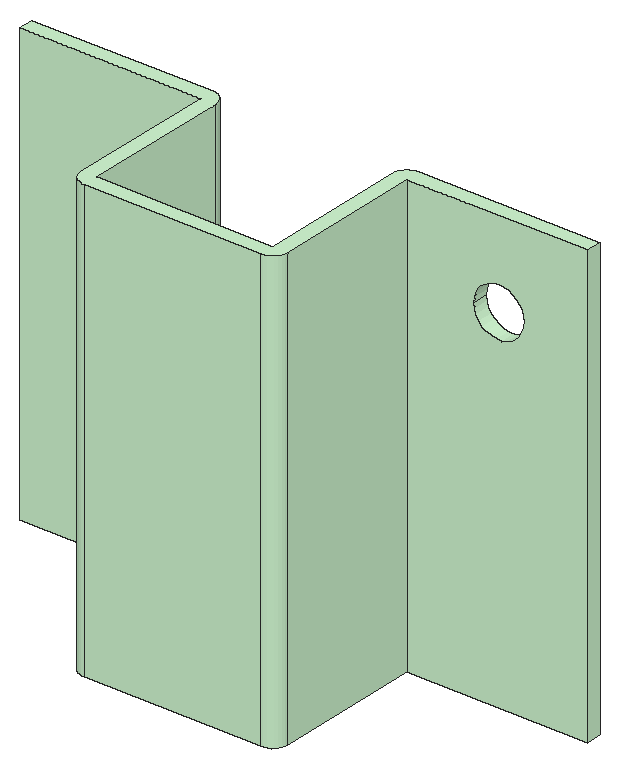
Revit family "CTサポート ", category 機械設備, Revit 2020
Family settings
  丸型コネクタ寸法 = 直径を使用
  種別 = なし
  パーツ タイプ = 標準
  作業面ベース = いいえ
  常に垂直 = はい
  ロード時にボイドで切り取り = いいえ
  共有 = いいえ
  部屋計算ポイント = いいえ
Parameters
  製造元 = "株式会社桐井製作所"
  既定の高さ = 0 mm
  URL = "https://www.kirii.co.jp/"
  K_品名 = "CTサポート"
  K_名称 = "ライン落下低減対策金具"
  K_入数 = "500"
  K_バージョン情報 = "20220915"
Reference planes
  plane 1 "中心(正面/背面)": y = 0
  plane 2: z = 0
  plane 3 "中心(左/右)": x = 0
Forms (mm)
  Extrusion 1, solid
    sketch origin (0, 0, 0) x (1, 0, 0) y (0, 1, 0)
      loop
        arc (8.2, 1.2) -> (7.351, 0.849) -> (7, 0) r 1.2
        line (7, 0) -> (7, -11.8) -> (-7, -11.8) -> (-7, 0)
        arc (-7, 0) -> (-7.351, 0.849) -> (-8.2, 1.2) r 1.2
        line (-8.2, 1.2) -> (-22.5, 1.2) -> (-22.5, 0) -> (-8.2, 0) -> (-8.2, -11.8)
        arc (-8.2, -11.8) -> (-7.849, -12.649) -> (-7, -13) r 1.2
        line (-7, -13) -> (7, -13)
        arc (7, -13) -> (7.849, -12.649) -> (8.2, -11.8) r 1.2
        line (8.2, -11.8) -> (8.2, 0) -> (22.5, 0) -> (22.5, 1.2) -> (8.2, 1.2)
    from -17.5 to 17.5
  Extrusion 2, void
    sketch origin (0, 0, 0) x (1, 0, 0) y (0, 0, 1)
      loop
        circle (-15.5, -10.412) r 2
      loop
        circle (15.5, 10.621) r 2
    from -1.2 to 0
Cuts and joins
  Extrusion 2 cuts Extrusion 1
Dimensions and locks
  aligned and locked: level to plane 2
